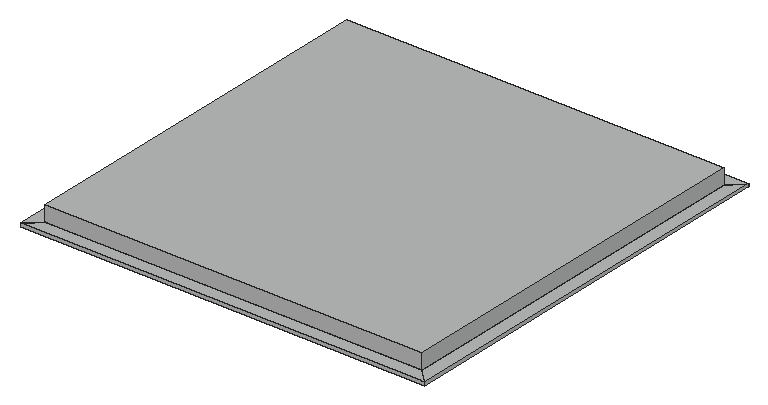
Revit family "AVRORA", category Осветительные приборы, Revit 2019 (continued)
Types (10, lengths in mm): name | built-in parameter 1150134 | Файл фотометрической сетки | built-in parameter 1150142 | built-in parameter 1150107 | Emit from Rectangle Width | Emit from Rectangle Length | Длина | Ширина | ADSK_Обозначение | ADSK_Наименование | ADSK_Код изделия
  AVRORA-32/opal-sand 603х603х25 (IP20, 4000К, в грильято) | 12 | "Светильник AVRORA-32  OPAL-SAND-(595x595).ies" | "IESNA:LM-63-95\r\n[TEST] Протокол № 50-12 \r\n[DATA] 20.06.2016\r\n[MORE] \r\n[MANUFAC] ЗАО \"Центрстройсвет\"\r\n[LUMCAT]  Светильник ALUMOGIPS-38/OPAL-SAND-(610x610)\r\n[LUMINAIRE]\r\n[LAMPCAT] Светодиоды\r\n[LAMP] Поток источника света (светодиодов) не известен\r\n[MORE] КСС приведена в абсолютных величинах кд\r\n[MORE] Вместо потока лампы, указан поток светильника.\r\nTILT=NONE\r\n1    3750 1.0 37 73 1 2 0.61 0.61 0.04\r\n1.0 1.0 38.7\r\n0.0 5.0 10.0 15.0 20.0 25.0 30.0 35.0 40.0 45.0 50.0 55.0 60.0 65.0 70.0 75.0 80.0 85.0 90.0 95.0 100.0 105.0 110.0 115.0 120.0 125.0 130.0 135.0 140.0 145.0 150.0 155.0 160.0 165.0 170.0 175.0 180.0\r\n0.0 5.0 10.0 15.0 20.0 25.0 30.0 35.0 40.0 45.0 50.0 55.0 60.0 65.0 70.0 75.0 80.0 85.0 90.0 95.0 100.0 105.0 110.0 115.0 120.0 125.0 130.0 135.0 140.0 145.0 150.0 155.0 160.0 165.0 170.0 175.0 180.0 185.0 190.0 195.0 200.0 205.0 210.0 215.0 220.0 225.0 230.0 235.0 240.0 245.0 250.0 255.0 260.0 265.0 270.0 275.0 280.0 285.0 290.0 295.0 300.0 305.0 310.0 315.0 320.0 325.0 330.0 335.0 340.0 345.0 350.0 355.0 360.0\r\n1391.4 1390.6 1365.7 1330.6 1277.5 1214.9 1147.5 1059.6 967.6 873.2 772.4 664.9 556.3 449.1 342.7 240.6 147.1 64.2 4.7 0.0 0.0 0.0 0.0 0.0 0.0 0.0 0.0 0.0 0.0 0.0 0.0 0.0 0.0 0.0 0.0 0.0 0.0\r\n1391.4 1390.5 1367.8 1332.7 1284.3 1221.3 1147.0 1062.1 969.2 872.4 773.2 666.3 557.1 450.1 343.8 241.9 146.9 64.7 5.2 0.0 0.0 0.0 0.0 0.0 0.0 0.0 0.0 0.0 0.0 0.0 0.0 0.0 0.0 0.0 0.0 0.0 0.0\r\n1391.4 1390.2 1372.0 1333.3 1277.3 1216.8 1144.5 1057.4 969.6 875.1 773.8 669.5 560.0 454.6 345.8 242.4 148.5 65.8 5.4 0.0 0.0 0.0 0.0 0.0 0.0 0.0 0.0 0.0 0.0 0.0 0.0 0.0 0.0 0.0 0.0 0.0 0.0\r\n1391.4 1389.8 1371.2 1330.7 1279.5 1220.5 1148.3 1059.9 967.7 873.2 767.5 666.8 561.4 453.0 347.1 243.7 149.9 65.6 5.8 0.0 0.0 0.0 0.0 0.0 0.0 0.0 0.0 0.0 0.0 0.0 0.0 0.0 0.0 0.0 0.0 0.0 0.0\r\n1391.4 1389.8 1368.3 1329.3 1285.0 1214.6 1141.1 1058.7 971.8 871.3 775.2 666.9 559.4 452.6 345.8 242.5 150.0 65.8 6.1 0.0 0.0 0.0 0.0 0.0 0.0 0.0 0.0 0.0 0.0 0.0 0.0 0.0 0.0 0.0 0.0 0.0 0.0\r\n1391.4 1390.5 1367.3 1332.3 1281.7 1219.0 1142.8 1064.6 970.5 874.4 772.1 667.5 560.2 453.0 346.2 241.8 149.4 65.7 5.6 0.0 0.0 0.0 0.0 0.0 0.0 0.0 0.0 0.0 0.0 0.0 0.0 0.0 0.0 0.0 0.0 0.0 0.0\r\n1391.4 1391.4 1368.1 1333.5 1277.3 1215.7 1139.0 1059.6 968.1 872.4 771.6 667.4 558.8 453.3 344.3 243.9 148.4 65.7 5.4 0.0 0.0 0.0 0.0 0.0 0.0 0.0 0.0 0.0 0.0 0.0 0.0 0.0 0.0 0.0 0.0 0.0 0.0\r\n1391.4 1391.7 1368.1 1330.4 1278.2 1213.9 1142.4 1061.6 967.4 875.1 772.0 669.3 561.1 452.5 345.2 242.1 148.3 65.4 5.5 0.0 0.0 0.0 0.0 0.0 0.0 0.0 0.0 0.0 0.0 0.0 0.0 0.0 0.0 0.0 0.0 0.0 0.0\r\n1391.4 1391.5 1371.0 1328.4 1278.5 1216.7 1142.1 1061.2 971.8 874.7 772.1 668.9 560.8 452.9 345.4 243.3 147.7 66.0 5.4 0.0 0.0 0.0 0.0 0.0 0.0 0.0 0.0 0.0 0.0 0.0 0.0 0.0 0.0 0.0 0.0 0.0 0.0\r\n1391.4 1391.5 1373.2 1330.5 1277.3 1215.5 1143.2 1063.6 967.0 872.7 772.2 669.4 558.9 453.2 346.6 241.9 148.1 65.2 5.5 0.0 0.0 0.0 0.0 0.0 0.0 0.0 0.0 0.0 0.0 0.0 0.0 0.0 0.0 0.0 0.0 0.0 0.0\r\n1391.4 1391.4 1369.7 1328.3 1281.3 1216.0 1139.8 1057.9 968.7 875.3 773.9 667.6 561.8 454.0 344.0 243.1 147.2 65.6 5.5 0.0 0.0 0.0 0.0 0.0 0.0 0.0 0.0 0.0 0.0 0.0 0.0 0.0 0.0 0.0 0.0 0.0 0.0\r\n1391.4 1390.5 1367.9 1330.1 1278.1 1218.1 1138.9 1061.0 970.0 871.8 770.4 669.3 560.2 453.4 346.9 242.1 148.3 65.2 5.2 0.0 0.0 0.0 0.0 0.0 0.0 0.0 0.0 0.0 0.0 0.0 0.0 0.0 0.0 0.0 0.0 0.0 0.0\r\n1391.4 1389.3 1368.2 1329.1 1280.8 1214.4 1142.5 1059.2 967.2 874.3 772.4 668.0 563.1 452.3 345.7 242.8 146.8 64.9 5.1 0.0 0.0 0.0 0.0 0.0 0.0 0.0 0.0 0.0 0.0 0.0 0.0 0.0 0.0 0.0 0.0 0.0 0.0\r\n1391.4 1388.6 1367.4 1327.8 1278.0 1215.7 1141.0 1061.0 971.5 877.3 771.2 667.3 561.5 453.0 346.4 242.4 146.3 64.8 5.2 0.0 0.0 0.0 0.0 0.0 0.0 0.0 0.0 0.0 0.0 0.0 0.0 0.0 0.0 0.0 0.0 0.0 0.0\r\n1391.4 1388.0 1367.6 1326.7 1278.3 1218.0 1140.9 1061.5 968.4 873.4 770.1 666.6 562.1 454.6 344.8 241.8 146.4 64.0 5.5 0.0 0.0 0.0 0.0 0.0 0.0 0.0 0.0 0.0 0.0 0.0 0.0 0.0 0.0 0.0 0.0 0.0 0.0\r\n1391.4 1387.2 1366.1 1331.0 1281.4 1216.3 1142.7 1059.1 969.4 871.5 772.2 667.3 560.5 453.0 344.4 242.2 146.4 63.8 5.6 0.0 0.0 0.0 0.0 0.0 0.0 0.0 0.0 0.0 0.0 0.0 0.0 0.0 0.0 0.0 0.0 0.0 0.0\r\n1391.4 1387.1 1366.3 1328.7 1276.9 1214.5 1141.2 1059.3 968.4 874.3 775.5 668.3 562.5 454.9 346.4 241.3 146.2 63.5 5.7 0.0 0.0 0.0 0.0 0.0 0.0 0.0 0.0 0.0 0.0 0.0 0.0 0.0 0.0 0.0 0.0 0.0 0.0\r\n1391.4 1388.4 1366.0 1329.7 1279.2 1217.9 1140.0 1060.5 969.0 873.9 772.0 671.3 560.4 453.2 343.7 241.7 145.8 63.7 5.4 0.0 0.0 0.0 0.0 0.0 0.0 0.0 0.0 0.0 0.0 0.0 0.0 0.0 0.0 0.0 0.0 0.0 0.0\r\n1391.4 1389.6 1367.7 1329.3 1277.2 1211.1 1140.1 1061.0 971.0 871.2 769.2 669.1 561.5 453.1 343.3 241.9 145.8 63.4 5.2 0.0 0.0 0.0 0.0 0.0 0.0 0.0 0.0 0.0 0.0 0.0 0.0 0.0 0.0 0.0 0.0 0.0 0.0\r\n1391.4 1388.8 1366.9 1327.1 1279.4 1214.2 1142.5 1056.4 970.7 870.3 771.0 665.1 560.4 453.3 343.8 241.1 145.7 63.4 5.2 0.0 0.0 0.0 0.0 0.0 0.0 0.0 0.0 0.0 0.0 0.0 0.0 0.0 0.0 0.0 0.0 0.0 0.0\r\n1391.4 1387.2 1365.8 1328.9 1276.6 1210.2 1141.4 1059.3 966.6 871.4 770.5 667.4 559.2 451.4 344.2 241.0 145.6 63.2 5.1 0.0 0.0 0.0 0.0 0.0 0.0 0.0 0.0 0.0 0.0 0.0 0.0 0.0 0.0 0.0 0.0 0.0 0.0\r\n1391.4 1386.8 1364.4 1329.8 1279.4 1213.7 1144.0 1059.0 965.3 873.7 768.8 668.9 559.4 449.5 342.6 241.5 144.6 63.4 5.0 0.0 0.0 0.0 0.0 0.0 0.0 0.0 0.0 0.0 0.0 0.0 0.0 0.0 0.0 0.0 0.0 0.0 0.0\r\n1391.4 1388.1 1365.8 1328.1 1273.8 1213.4 1137.9 1059.2 967.3 869.2 769.3 667.7 558.4 451.4 344.0 240.6 145.7 63.4 4.9 0.0 0.0 0.0 0.0 0.0 0.0 0.0 0.0 0.0 0.0 0.0 0.0 0.0 0.0 0.0 0.0 0.0 0.0\r\n1391.4 1389.2 1364.4 1323.2 1276.3 1213.8 1137.6 1055.3 963.1 871.0 767.7 664.1 559.7 447.1 342.4 240.1 145.2 63.9 5.1 0.0 0.0 0.0 0.0 0.0 0.0 0.0 0.0 0.0 0.0 0.0 0.0 0.0 0.0 0.0 0.0 0.0 0.0\r\n1391.4 1388.4 1362.3 1326.8 1274.4 1212.2 1137.9 1054.7 966.7 867.9 768.7 663.4 557.3 449.2 343.3 240.0 145.7 63.6 5.0 0.0 0.0 0.0 0.0 0.0 0.0 0.0 0.0 0.0 0.0 0.0 0.0 0.0 0.0 0.0 0.0 0.0 0.0\r\n1391.4 1386.2 1361.8 1326.5 1273.3 1211.2 1134.5 1048.6 964.3 866.3 767.8 662.9 556.7 449.5 341.9 239.8 145.7 63.7 5.0 0.0 0.0 0.0 0.0 0.0 0.0 0.0 0.0 0.0 0.0 0.0 0.0 0.0 0.0 0.0 0.0 0.0 0.0\r\n1391.4 1384.4 1363.5 1324.4 1272.0 1209.5 1137.2 1053.0 960.2 867.5 767.9 662.7 556.7 449.2 342.5 239.1 146.2 63.8 4.8 0.0 0.0 0.0 0.0 0.0 0.0 0.0 0.0 0.0 0.0 0.0 0.0 0.0 0.0 0.0 0.0 0.0 0.0\r\n1391.4 1383.7 1362.4 1324.4 1274.0 1209.5 1134.4 1050.1 965.4 864.9 764.6 662.3 556.6 447.9 340.5 240.3 145.5 64.6 4.6 0.0 0.0 0.0 0.0 0.0 0.0 0.0 0.0 0.0 0.0 0.0 0.0 0.0 0.0 0.0 0.0 0.0 0.0\r\n1391.4 1384.4 1361.9 1326.9 1270.2 1207.3 1132.7 1050.1 959.7 867.7 763.1 662.2 555.0 447.3 343.0 238.3 145.8 63.9 4.7 0.0 0.0 0.0 0.0 0.0 0.0 0.0 0.0 0.0 0.0 0.0 0.0 0.0 0.0 0.0 0.0 0.0 0.0\r\n1391.4 1385.1 1363.0 1320.0 1270.4 1207.9 1134.4 1055.0 963.5 867.3 766.7 660.7 555.9 450.1 342.6 240.2 145.9 64.3 4.9 0.0 0.0 0.0 0.0 0.0 0.0 0.0 0.0 0.0 0.0 0.0 0.0 0.0 0.0 0.0 0.0 0.0 0.0\r\n1391.4 1384.9 1362.3 1321.4 1273.1 1208.0 1135.4 1052.3 961.9 865.0 764.0 660.8 553.5 447.6 341.2 240.3 146.1 63.8 4.8 0.0 0.0 0.0 0.0 0.0 0.0 0.0 0.0 0.0 0.0 0.0 0.0 0.0 0.0 0.0 0.0 0.0 0.0\r\n1391.4 1383.8 1361.2 1322.1 1265.1 1211.5 1132.8 1049.3 961.3 863.4 764.0 661.0 550.7 447.9 341.0 240.1 146.2 63.8 4.6 0.0 0.0 0.0 0.0 0.0 0.0 0.0 0.0 0.0 0.0 0.0 0.0 0.0 0.0 0.0 0.0 0.0 0.0\r\n1391.4 1382.8 1359.3 1321.5 1269.3 1206.8 1132.8 1051.1 958.3 863.2 763.1 662.7 553.4 448.0 340.4 240.0 145.8 63.8 4.0 0.0 0.0 0.0 0.0 0.0 0.0 0.0 0.0 0.0 0.0 0.0 0.0 0.0 0.0 0.0 0.0 0.0 0.0\r\n1391.4 1382.6 1359.0 1319.6 1268.1 1204.3 1129.8 1049.0 957.7 861.8 761.7 658.4 554.2 446.1 340.4 239.0 145.6 63.8 3.8 0.0 0.0 0.0 0.0 0.0 0.0 0.0 0.0 0.0 0.0 0.0 0.0 0.0 0.0 0.0 0.0 0.0 0.0\r\n1391.4 1382.8 1358.5 1315.8 1266.5 1202.1 1128.5 1049.2 957.6 860.0 762.1 658.2 549.9 443.8 339.6 238.4 145.7 63.6 3.7 0.0 0.0 0.0 0.0 0.0 0.0 0.0 0.0 0.0 0.0 0.0 0.0 0.0 0.0 0.0 0.0 0.0 0.0\r\n1391.4 1382.2 1360.5 1319.2 1265.9 1204.5 1129.9 1046.9 955.0 862.9 758.9 657.9 552.5 444.9 338.9 238.8 145.3 63.6 3.3 0.0 0.0 0.0 0.0 0.0 0.0 0.0 0.0 0.0 0.0 0.0 0.0 0.0 0.0 0.0 0.0 0.0 0.0\r\n1391.4 1381.1 1361.2 1321.0 1268.1 1203.8 1128.8 1047.4 955.6 863.7 761.1 656.4 551.5 445.2 339.2 238.5 144.7 62.5 3.5 0.0 0.0 0.0 0.0 0.0 0.0 0.0 0.0 0.0 0.0 0.0 0.0 0.0 0.0 0.0 0.0 0.0 0.0\r\n1391.4 1380.6 1359.0 1316.4 1268.5 1204.0 1126.1 1049.5 956.2 859.6 759.7 656.5 549.2 444.3 338.4 236.1 143.8 61.6 3.2 0.0 0.0 0.0 0.0 0.0 0.0 0.0 0.0 0.0 0.0 0.0 0.0 0.0 0.0 0.0 0.0 0.0 0.0\r\n1391.4 1380.7 1356.6 1316.0 1267.0 1205.6 1130.3 1044.8 956.9 856.7 759.3 653.5 548.1 441.9 335.3 235.4 141.4 60.3 2.9 0.0 0.0 0.0 0.0 0.0 0.0 0.0 0.0 0.0 0.0 0.0 0.0 0.0 0.0 0.0 0.0 0.0 0.0\r\n1391.4 1380.4 1354.4 1317.9 1268.8 1199.0 1129.0 1044.0 956.9 860.6 758.3 656.9 549.1 442.0 334.4 236.1 141.7 60.5 2.6 0.0 0.0 0.0 0.0 0.0 0.0 0.0 0.0 0.0 0.0 0.0 0.0 0.0 0.0 0.0 0.0 0.0 0.0\r\n1391.4 1380.1 1356.7 1322.1 1264.6 1201.7 1129.9 1047.4 957.2 859.7 758.2 656.1 549.4 442.8 335.3 235.8 141.3 60.6 2.3 0.0 0.0 0.0 0.0 0.0 0.0 0.0 0.0 0.0 0.0 0.0 0.0 0.0 0.0 0.0 0.0 0.0 0.0\r\n1391.4 1379.9 1357.3 1317.5 1265.9 1207.8 1129.2 1046.5 955.7 860.2 758.6 656.9 550.7 441.9 335.4 233.9 140.6 60.2 2.4 0.0 0.0 0.0 0.0 0.0 0.0 0.0 0.0 0.0 0.0 0.0 0.0 0.0 0.0 0.0 0.0 0.0 0.0\r\n1391.4 1379.2 1355.5 1314.6 1269.3 1203.7 1133.5 1044.8 957.2 857.9 762.0 656.6 548.7 440.4 335.9 234.5 140.4 59.8 2.8 0.0 0.0 0.0 0.0 0.0 0.0 0.0 0.0 0.0 0.0 0.0 0.0 0.0 0.0 0.0 0.0 0.0 0.0\r\n1391.4 1377.9 1357.1 1319.2 1271.9 1204.4 1128.6 1050.2 953.1 856.9 757.6 653.7 548.9 439.9 335.4 232.4 140.5 59.2 3.0 0.0 0.0 0.0 0.0 0.0 0.0 0.0 0.0 0.0 0.0 0.0 0.0 0.0 0.0 0.0 0.0 0.0 0.0\r\n1391.4 1377.2 1356.3 1322.9 1266.0 1204.8 1132.2 1049.0 958.1 859.3 759.0 654.6 547.0 441.6 334.9 232.1 139.3 58.8 2.9 0.0 0.0 0.0 0.0 0.0 0.0 0.0 0.0 0.0 0.0 0.0 0.0 0.0 0.0 0.0 0.0 0.0 0.0\r\n1391.4 1377.8 1353.8 1319.7 1269.6 1207.9 1135.8 1049.5 955.8 858.0 762.4 655.9 548.2 441.6 335.6 231.7 139.4 58.8 2.8 0.0 0.0 0.0 0.0 0.0 0.0 0.0 0.0 0.0 0.0 0.0 0.0 0.0 0.0 0.0 0.0 0.0 0.0\r\n1391.4 1378.5 1355.2 1319.8 1267.3 1206.5 1131.2 1046.1 954.6 861.2 756.6 653.8 548.1 440.3 335.0 232.6 138.6 59.0 2.9 0.0 0.0 0.0 0.0 0.0 0.0 0.0 0.0 0.0 0.0 0.0 0.0 0.0 0.0 0.0 0.0 0.0 0.0\r\n1391.4 1378.6 1355.1 1318.3 1269.7 1200.8 1133.1 1049.0 957.6 862.5 762.4 656.9 549.3 443.5 334.7 231.2 138.8 58.1 3.0 0.0 0.0 0.0 0.0 0.0 0.0 0.0 0.0 0.0 0.0 0.0 0.0 0.0 0.0 0.0 0.0 0.0 0.0\r\n1391.4 1378.8 1355.8 1321.7 1268.8 1210.0 1129.0 1048.5 958.8 862.4 762.2 656.4 549.0 441.1 335.4 231.5 138.5 58.1 3.0 0.0 0.0 0.0 0.0 0.0 0.0 0.0 0.0 0.0 0.0 0.0 0.0 0.0 0.0 0.0 0.0 0.0 0.0\r\n1391.4 1379.6 1357.6 1321.7 1269.0 1207.1 1133.9 1047.0 964.1 863.3 761.9 656.4 551.5 440.7 334.9 232.2 137.6 58.1 2.8 0.0 0.0 0.0 0.0 0.0 0.0 0.0 0.0 0.0 0.0 0.0 0.0 0.0 0.0 0.0 0.0 0.0 0.0\r\n1391.4 1380.6 1357.7 1319.2 1272.0 1207.5 1131.3 1054.6 959.0 863.3 764.8 655.9 549.1 443.0 335.1 231.3 138.0 58.1 2.7 0.0 0.0 0.0 0.0 0.0 0.0 0.0 0.0 0.0 0.0 0.0 0.0 0.0 0.0 0.0 0.0 0.0 0.0\r\n1391.4 1381.5 1358.5 1321.9 1271.0 1204.1 1135.9 1055.8 962.5 865.5 761.1 656.9 550.6 442.0 335.3 231.9 137.4 57.9 2.6 0.0 0.0 0.0 0.0 0.0 0.0 0.0 0.0 0.0 0.0 0.0 0.0 0.0 0.0 0.0 0.0 0.0 0.0\r\n1391.4 1381.3 1358.5 1322.3 1270.8 1207.2 1133.7 1051.9 958.0 867.3 767.5 657.0 552.1 442.3 333.6 231.2 137.9 57.8 2.6 0.0 0.0 0.0 0.0 0.0 0.0 0.0 0.0 0.0 0.0 0.0 0.0 0.0 0.0 0.0 0.0 0.0 0.0\r\n1391.4 1380.6 1359.4 1319.7 1270.6 1209.0 1133.0 1052.1 963.9 867.5 764.1 660.0 554.0 443.3 334.8 231.7 137.6 57.8 2.7 0.0 0.0 0.0 0.0 0.0 0.0 0.0 0.0 0.0 0.0 0.0 0.0 0.0 0.0 0.0 0.0 0.0 0.0\r\n1391.4 1381.3 1359.9 1321.3 1270.6 1204.8 1135.0 1051.3 962.1 865.5 761.7 660.3 553.1 443.5 334.1 231.9 137.9 57.8 2.8 0.0 0.0 0.0 0.0 0.0 0.0 0.0 0.0 0.0 0.0 0.0 0.0 0.0 0.0 0.0 0.0 0.0 0.0\r\n1391.4 1383.1 1362.1 1324.8 1273.8 1208.7 1134.8 1055.9 961.8 866.4 762.3 659.7 552.4 443.7 334.4 232.8 138.0 58.0 2.8 0.0 0.0 0.0 0.0 0.0 0.0 0.0 0.0 0.0 0.0 0.0 0.0 0.0 0.0 0.0 0.0 0.0 0.0\r\n1391.4 1384.6 1360.4 1321.7 1272.0 1210.6 1130.9 1052.5 963.1 866.7 767.4 659.3 553.7 444.6 335.4 233.1 138.3 58.0 2.8 0.0 0.0 0.0 0.0 0.0 0.0 0.0 0.0 0.0 0.0 0.0 0.0 0.0 0.0 0.0 0.0 0.0 0.0\r\n1391.4 1385.6 1357.5 1324.7 1273.9 1211.6 1134.3 1052.7 963.6 865.4 763.1 658.7 552.2 444.9 336.9 232.8 138.8 58.6 2.9 0.0 0.0 0.0 0.0 0.0 0.0 0.0 0.0 0.0 0.0 0.0 0.0 0.0 0.0 0.0 0.0 0.0 0.0\r\n1391.4 1386.4 1357.8 1323.4 1273.2 1212.2 1136.3 1054.7 967.5 867.5 764.0 659.4 553.3 443.7 336.8 233.2 138.9 58.5 3.1 0.0 0.0 0.0 0.0 0.0 0.0 0.0 0.0 0.0 0.0 0.0 0.0 0.0 0.0 0.0 0.0 0.0 0.0\r\n1391.4 1386.6 1362.0 1324.9 1273.2 1211.3 1139.0 1049.9 960.3 866.4 768.0 661.3 552.2 443.4 336.3 233.4 139.8 58.9 3.1 0.0 0.0 0.0 0.0 0.0 0.0 0.0 0.0 0.0 0.0 0.0 0.0 0.0 0.0 0.0 0.0 0.0 0.0\r\n1391.4 1386.0 1360.5 1326.0 1271.8 1212.0 1137.2 1059.3 963.5 867.6 766.9 661.2 552.3 445.8 337.8 233.6 141.0 59.2 3.3 0.0 0.0 0.0 0.0 0.0 0.0 0.0 0.0 0.0 0.0 0.0 0.0 0.0 0.0 0.0 0.0 0.0 0.0\r\n1391.4 1385.0 1362.3 1325.1 1272.0 1207.1 1138.5 1053.6 964.5 865.8 766.5 661.6 554.3 445.9 337.0 234.5 140.4 60.2 3.5 0.0 0.0 0.0 0.0 0.0 0.0 0.0 0.0 0.0 0.0 0.0 0.0 0.0 0.0 0.0 0.0 0.0 0.0\r\n1391.4 1384.4 1361.8 1323.6 1274.0 1214.8 1138.9 1053.9 968.0 867.9 769.0 663.8 555.6 446.7 339.6 235.0 141.3 60.4 3.4 0.0 0.0 0.0 0.0 0.0 0.0 0.0 0.0 0.0 0.0 0.0 0.0 0.0 0.0 0.0 0.0 0.0 0.0\r\n1391.4 1385.0 1360.9 1322.2 1272.4 1209.8 1137.2 1055.7 962.7 869.7 769.6 658.2 556.6 447.4 338.5 236.2 142.5 60.7 3.4 0.0 0.0 0.0 0.0 0.0 0.0 0.0 0.0 0.0 0.0 0.0 0.0 0.0 0.0 0.0 0.0 0.0 0.0\r\n1391.4 1386.6 1363.1 1323.6 1272.5 1211.5 1139.2 1058.4 969.9 868.0 768.8 664.6 556.3 445.8 342.1 236.1 142.3 61.2 3.5 0.0 0.0 0.0 0.0 0.0 0.0 0.0 0.0 0.0 0.0 0.0 0.0 0.0 0.0 0.0 0.0 0.0 0.0\r\n1391.4 1388.6 1360.9 1330.2 1273.7 1213.2 1138.7 1058.3 966.2 867.0 766.8 663.4 553.3 447.1 339.2 238.7 143.0 61.4 3.8 0.0 0.0 0.0 0.0 0.0 0.0 0.0 0.0 0.0 0.0 0.0 0.0 0.0 0.0 0.0 0.0 0.0 0.0\r\n1391.4 1389.8 1360.8 1328.4 1276.8 1216.0 1140.1 1055.8 963.1 870.3 768.4 663.1 554.0 449.1 340.1 237.3 144.8 61.7 3.8 0.0 0.0 0.0 0.0 0.0 0.0 0.0 0.0 0.0 0.0 0.0 0.0 0.0 0.0 0.0 0.0 0.0 0.0\r\n1391.4 1389.3 1362.5 1325.9 1278.0 1210.4 1138.2 1054.7 967.8 872.7 770.2 661.9 556.5 446.9 341.3 237.7 144.4 62.5 3.9 0.0 0.0 0.0 0.0 0.0 0.0 0.0 0.0 0.0 0.0 0.0 0.0 0.0 0.0 0.0 0.0 0.0 0.0\r\n1391.4 1387.8 1365.8 1326.6 1274.3 1213.2 1141.4 1053.1 966.2 871.2 768.4 663.7 555.0 447.1 341.3 238.2 144.3 62.7 4.1 0.0 0.0 0.0 0.0 0.0 0.0 0.0 0.0 0.0 0.0 0.0 0.0 0.0 0.0 0.0 0.0 0.0 0.0\r\n1391.4 1387.2 1364.2 1328.3 1274.8 1209.4 1145.0 1060.0 963.9 867.5 766.5 663.4 556.7 448.2 340.9 240.3 144.7 63.3 4.0 0.0 0.0 0.0 0.0 0.0 0.0 0.0 0.0 0.0 0.0 0.0 0.0 0.0 0.0 0.0 0.0 0.0 0.0\r\n1391.4 1388.4 1364.9 1332.6 1279.0 1215.6 1140.9 1056.3 969.3 867.1 770.0 663.8 559.0 449.0 342.4 240.3 145.7 63.3 4.7 0.0 0.0 0.0 0.0 0.0 0.0 0.0 0.0 0.0 0.0 0.0 0.0 0.0 0.0 0.0 0.0 0.0 0.0\r\n1391.4 1390.0 1364.5 1329.3 1281.4 1217.7 1141.3 1063.3 970.3 871.1 768.8 663.5 555.2 449.3 342.4 239.8 146.6 63.3 4.9 0.0 0.0 0.0 0.0 0.0 0.0 0.0 0.0 0.0 0.0 0.0 0.0 0.0 0.0 0.0 0.0 0.0 0.0\r\n1391.4 1390.6 1365.7 1330.6 1277.5 1214.9 1147.5 1059.6 967.6 873.2 772.4 664.9 556.3 449.1 342.7 240.6 147.1 64.2 4.7 0.0 0.0 0.0 0.0 0.0 0.0 0.0 0.0 0.0 0.0 0.0 0.0 0.0 0.0 0.0 0.0 0.0 0.0\r\n" | 4000 (stored number, unit not read) | 563 | 563 | 603 | 603 | "AVRORA-32/opal-sand 603х603х25 (IP20, 4000К, в грильято)" | "Встраиваемый светодиодный светильник AVRORA-32/opal-sand 603х603х25 (IP20, 4000К, в грильято)" | "ЦБ000009020"
